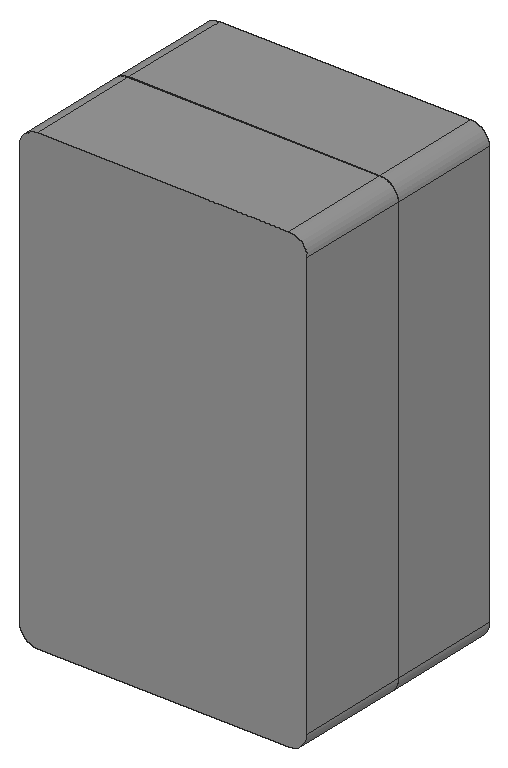
Revit family "Domotics-DomesticRanges-GEWISS-27COMBI22-IP66_ENCLOSURES_2OPERATORS_D22", category Apparecchi elettrici, host Muro, Revit 2016
Family settings
  Host = Muro
  Mantenere orientamento annotazione = No
  Tipo di parte = Normale
  Quota connettore circolare = Usa diametro
  Sempre verticale = Sì
  Taglio con vuoti quando caricato = No
  Condiviso = No
  Punto di calcolo locali = No
Parameters (values of type "GW27203 - Enclosure 2 gang start-stop button")
  Version file RFA = "18.0"
  URL = "https://www.gewiss.com/ww/en"
  Type of knockout holes = "Removable with tool"
  Torque screws tightening = "0,8NM"
  Thermo-pressure with ball = "70 °C"
  Technical sheet = "https://www.gewiss.com/ww/en/search?q=GW27203"
  Standard; = "EN 60947-1 - EN 60947-5-1"
  Standard = "EN 60947-1 - EN 60947-5-1"
  SEO = "Enclosure"
  Realized by GEWISS S.p.A. = ""
  Produttore = "GEWISS S.p.A."
  Outer dim. LxHxD (mm) = "132x82x65"
  Operators Ã˜ 22 = "Start (green) Stop (red)"
  No. gangs = "2"
  Modello = "GW27203"
  Lid screws = "Stainless steel"
  Insulation class = "II"
  Installation temperature = "-25 +60 °C"
  Immagine tipo = GW27203.jpg
  Pulsante_2 = GEWISS - Pulsante arresto - rosso
  Pulsante_1 = GEWISS - Pulsante marcia -verde
  Profondità = 65 mm
  Larghezza = 82 mm
  IP degree = "IP66"
  IFC.TypeObject = ""
  IFC.ExportType = ""
  IFC.ExportAs = ""
  IDT = "6f5ffad8-ab4e-4bf2-93b9-8f52598943a3"
  IDF = "92da0851-b500-49b1-9ad9-f15c40e5270d"
  Glow Wire Test = "650°C"
  Electrocod = "0212"
  EAN code = "8011564055582"
  Descrizione = "ENCLOSURE 2G START-STOP BUTTON"
  Contacts = "1 NO - 1 NC"
  Colour = "Grey RAL 7035"
  Catalogue Range = "27COMBI"
  Catalogue = "DOMOTICS"
  COBie.Tagnumber = ""
  COBie.CreatedOn = ""
  COBie.CreatebBy = ""
  COBie.ComponentRegisterItemID = ""
  COBie.Component.TagNumber = ""
  COBie.Component.Space = ""
  COBie.Component.SerialNumber = ""
  COBie.Component.InstallationDate = ""
  COBie.Component.Description = ""
  COBie.Component.BarCode = ""
  Altezza = 132 mm
Reference planes
  plane 1 "Muro": y = 0
  plane 2 "Centro (Sinistra/Destra)": x = 125
  plane 3 "Indietro": y = 100
  plane 4: z = 1089.176
  plane 5: z = 1023.176
  plane 6: x = 166
  plane 7: x = 84
  plane 8: z = 957.176
  plane 9: y = 165
  plane 10: y = 132.5
  plane 11: y = 175
  plane 12: y = 174
Forms (mm)
  Extrusion 1, solid, material "Grigio"
    sketch origin (0, 0, -500) x (1, 0, 0) y (0, 0, 1)
      loop
        line (161, 1589.176) -> (89, 1589.176)
        arc (89, 1589.176) -> (85.464, 1587.712) -> (84, 1584.176) r 5
        line (84, 1584.176) -> (84, 1462.176)
        arc (84, 1462.176) -> (85.464, 1458.641) -> (89, 1457.176) r 5
        line (89, 1457.176) -> (161, 1457.176)
        arc (161, 1457.176) -> (164.536, 1458.641) -> (166, 1462.176) r 5
        line (166, 1462.176) -> (166, 1584.176)
        arc (166, 1584.176) -> (164.536, 1587.712) -> (161, 1589.176) r 5
    from -132.5 to -100
  Extrusion 2, solid, material "Grigio"
    sketch origin (0, 0, -500) x (1, 0, 0) y (0, 0, 1)
      loop
        line (161, 1589.176) -> (89, 1589.176)
        arc (89, 1589.176) -> (85.464, 1587.712) -> (84, 1584.176) r 5
        line (84, 1584.176) -> (84, 1462.176)
        arc (84, 1462.176) -> (85.464, 1458.641) -> (89, 1457.176) r 5
        line (89, 1457.176) -> (161, 1457.176)
        arc (161, 1457.176) -> (164.536, 1458.641) -> (166, 1462.176) r 5
        line (166, 1462.176) -> (166, 1584.176)
        arc (166, 1584.176) -> (164.536, 1587.712) -> (161, 1589.176) r 5
    from -132.5 to -165
  Extrusion 3, solid, material "Pulsante -contorno", detail levels medium+fine
    sketch origin (0, 0, 25) x (1, 0, 0) y (0, 0, 1)
      loop
        circle (125, 1023.176) r 11
    from -175 to -165
  Extrusion 4, void, detail levels fine
    sketch origin (0, 0, 25) x (1, 0, 0) y (0, 0, 1)
      loop
        circle (125, 1023.176) r 9
    from -175 to -174
  Extrusion 5, solid, material "GEWISS - Pulsante marcia -verde" <- "Pulsante_1", detail levels fine
    sketch origin (0, 0, 25) x (1, 0, 0) y (0, 0, 1)
      loop
        circle (125, 1023.176) r 9
    from -175 to -174
  Extrusion 6, solid, material "Pulsante -contorno", detail levels medium+fine
    sketch origin (0, 0, 2021.353) x (1, 0, 0) y (0, 0, 1)
      loop
        circle (125, -1023.176) r 11
    from -175 to -165
  Extrusion 7, void, detail levels fine
    sketch origin (0, 0, 2021.353) x (1, 0, 0) y (0, 0, 1)
      loop
        circle (125, -1023.176) r 9
    from -175 to -174
  Extrusion 8, solid, material "GEWISS - Pulsante arresto - rosso" <- "Pulsante_2", detail levels fine
    sketch origin (0, 0, 2021.353) x (1, 0, 0) y (0, 0, 1)
      loop
        circle (125, -1023.176) r 9
    from -175 to -174
Cuts and joins
  Extrusion 4, Extrusion 7 cuts Extrusion 3
  Extrusion 7 cuts Extrusion 5
  Extrusion 7 cuts Extrusion 6
Lines and regions (mm)
  model lines, detail levels fine
    curve 1: circle (158.854, 165, 1081.654) r 2.95 normal (0, -1, 0)
    curve 2: circle (91.146, 165, 1081.654) r 2.95 normal (0, 1, 0)
    curve 3: circle (158.854, 165, 964.699) r 2.95 normal (0, 1, 0)
    curve 4: circle (91.146, 165, 964.699) r 2.95 normal (0, -1, 0)
Text (mm)
  text "Lato posizionamento" at (-1848.837, 1116.779, 0), in view "Livello rif."
  text "Lato posizionamento" at (0, 1285.74, 1740.657), in view "Sinistra"
  text "Lato posizionamento" at (0, 499.811, 2980.732), in view "Destra"
Dimensions and locks
  locked: plane 3 "Indietro" to host wall
  "Larghezza": plane 7 to plane 6
  "Altezza": plane 8 to plane 4
  equal spacing: plane 8, plane 5, plane 4
  equal spacing: plane 7, plane 2 "Centro (Sinistra/Destra)", plane 6
  equal spacing: plane 9, plane 10, plane 3 "Indietro"
  "Profondità": plane 9 to plane 3 "Indietro"
  locked: plane 11 to plane 9 at 10
  locked: plane 11 to plane 12 at 1
  aligned and locked: plane 1 "Muro" to host wall
  aligned and locked: plane 4 to Extrusion 1 sketch curve
  aligned and locked: Extrusion 1 sketch curve to plane 6
  aligned and locked: Extrusion 1 sketch curve to plane 8
  aligned and locked: plane 7 to Extrusion 1 sketch curve
  aligned and locked: plane 6 to Extrusion 2 sketch curve
  aligned and locked: plane 8 to Extrusion 2 sketch curve
  aligned and locked: Extrusion 2 sketch curve to plane 4
  aligned and locked: plane 10 to Extrusion 1
  aligned and locked: Extrusion 2 to Extrusion 1
  aligned and locked: Extrusion 1 to host wall
  aligned and locked: plane 9 to Extrusion 2
  aligned and locked: Extrusion 3 to plane 9
  aligned and locked: plane 11 to Extrusion 3
  aligned and locked: Extrusion 4 to plane 12
  aligned and locked: Extrusion 5 to plane 12
  aligned and locked: plane 11 to Extrusion 5
  aligned and locked: plane 11 to Extrusion 4
  aligned and locked: plane 11 to Extrusion 6
  aligned and locked: Extrusion 6 to plane 9
  aligned and locked: Extrusion 7 to plane 12
  aligned and locked: plane 11 to Extrusion 7
  aligned and locked: Extrusion 8 to plane 12
  aligned and locked: plane 11 to Extrusion 8
  aligned and locked: plane 11 to cut or joined group of Extrusion 3, Extrusion 4, Extrusion 7
  aligned and locked: cut or joined group of Extrusion 5, Extrusion 7 to plane 12
Automatic sketch dimensions
  Extrusion 1 sketch curve to plane 7 = 5 mm  (x2)
  Extrusion 1 sketch curve to plane 4 = 5 mm
  plane 6 to Extrusion 1 sketch curve = 5 mm
  plane 7 to Extrusion 2 sketch curve = 0 mm
  Extrusion 2 sketch curve to plane 7 = 5 mm  (x2)
  Extrusion 2 sketch curve to plane 4 = 5 mm
  plane 6 to Extrusion 2 sketch curve = 5 mm
  Extrusion 2 to curve 2 = 7.146 mm
  Extrusion 2 to curve 4 = 7.146 mm
  Extrusion 2 to curve 3 = 7.146 mm
  Extrusion 2 to curve 1 = 7.146 mm
  Extrusion 2 to curve 3 = 7.523 mm
  Extrusion 2 to curve 4 = 7.523 mm
  Extrusion 2 to curve 2 = 7.523 mm
  Extrusion 2 to curve 1 = 7.523 mm
  Extrusion 3 sketch curve to plane 2 "Centro (Sinistra/Destra)" = 0 mm
  plane 5 to Extrusion 3 sketch curve = 25 mm
  Extrusion 4 sketch curve to plane 2 "Centro (Sinistra/Destra)" = 0 mm
  plane 5 to Extrusion 4 sketch curve = 25 mm
  Extrusion 5 sketch curve to plane 2 "Centro (Sinistra/Destra)" = 0 mm
  plane 5 to Extrusion 5 sketch curve = 25 mm
  Extrusion 6 sketch curve to plane 2 "Centro (Sinistra/Destra)" = 0 mm
  plane 5 to Extrusion 6 sketch curve = 25 mm
  Extrusion 7 sketch curve to plane 2 "Centro (Sinistra/Destra)" = 0 mm
  plane 5 to Extrusion 7 sketch curve = 25 mm
  Extrusion 8 sketch curve to plane 2 "Centro (Sinistra/Destra)" = 0 mm
  plane 5 to Extrusion 8 sketch curve = 25 mm
  radius of curve 1 = 2.95 mm
  radius of curve 2 = 2.95 mm
  radius of curve 3 = 2.95 mm
  radius of curve 4 = 2.95 mm
  radius of Extrusion 3 sketch curve = 11 mm
  radius of Extrusion 4 sketch curve = 9 mm
  radius of Extrusion 5 sketch curve = 9 mm
  radius of Extrusion 6 sketch curve = 11 mm
  radius of Extrusion 7 sketch curve = 9 mm
  radius of Extrusion 8 sketch curve = 9 mm
